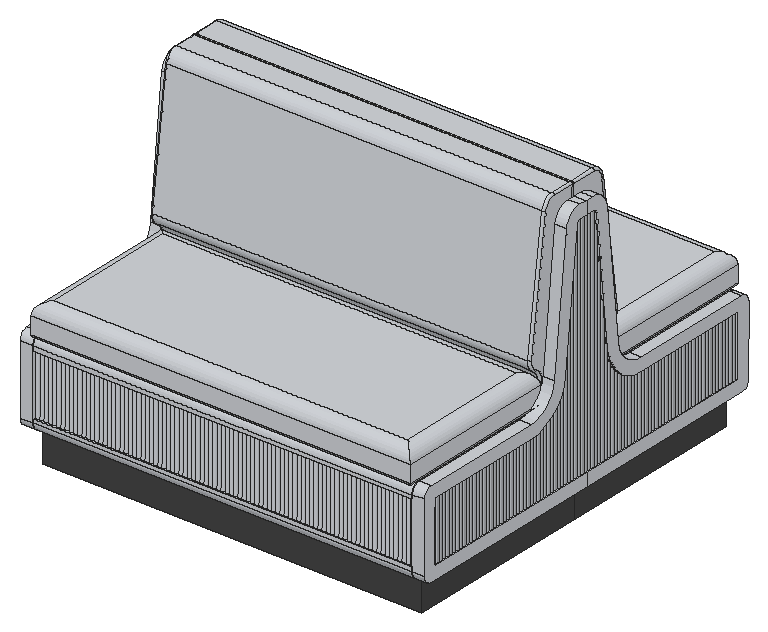
Revit family "Trenton Booth", category Furniture, Revit 2021 (continued)
Automatic sketch dimensions
  Extrusion 286 sketch curve to plane 10 = 3/4"
  Extrusion 286 sketch curve to Extrusion 286 sketch curve = 1/4"
  Extrusion 286 sketch curve to plane 6 = 3/4"
  Extrusion 286 sketch curve to Extrusion 286 sketch curve = 0"
  Extrusion 287 sketch curve to plane 10 = 1 1/4"
  Extrusion 287 sketch curve to Extrusion 287 sketch curve = 1/4"
  Extrusion 287 sketch curve to plane 6 = 3/4"
  Extrusion 287 sketch curve to Extrusion 287 sketch curve = 0"
  Extrusion 288 sketch curve to plane 6 = 3/4"
  Extrusion 288 sketch curve to plane 10 = 1 3/4"
  Extrusion 288 sketch curve to Extrusion 288 sketch curve = 1/4"
  Extrusion 288 sketch curve to Extrusion 288 sketch curve = 0"
  Extrusion 289 sketch curve to plane 6 = 3/4"
  Extrusion 289 sketch curve to plane 10 = 2 1/4"
  Extrusion 289 sketch curve to Extrusion 289 sketch curve = 1/4"
  Extrusion 289 sketch curve to Extrusion 289 sketch curve = 0"
  Extrusion 290 sketch curve to plane 6 = 3/4"
  Extrusion 290 sketch curve to plane 10 = 2 3/4"
  Extrusion 290 sketch curve to Extrusion 290 sketch curve = 1/4"
  Extrusion 290 sketch curve to Extrusion 290 sketch curve = 0"
  Extrusion 291 sketch curve to plane 6 = 3/4"
  Extrusion 291 sketch curve to plane 10 = 3 1/4"
  Extrusion 291 sketch curve to Extrusion 291 sketch curve = 1/4"
  Extrusion 291 sketch curve to Extrusion 291 sketch curve = 0"
  Extrusion 292 sketch curve to plane 6 = 3/4"
  Extrusion 292 sketch curve to plane 10 = 3 3/4"
  Extrusion 292 sketch curve to Extrusion 292 sketch curve = 1/4"
  Extrusion 292 sketch curve to Extrusion 292 sketch curve = 0"
  Extrusion 293 sketch curve to plane 6 = 3/4"
  Extrusion 293 sketch curve to plane 10 = 4 1/4"
  Extrusion 293 sketch curve to Extrusion 293 sketch curve = 1/4"
  Extrusion 293 sketch curve to Extrusion 293 sketch curve = 0"
  Extrusion 294 sketch curve to plane 6 = 3/4"
  Extrusion 294 sketch curve to plane 10 = 4 3/4"
  Extrusion 294 sketch curve to Extrusion 294 sketch curve = 1/4"
  Extrusion 294 sketch curve to Extrusion 294 sketch curve = 0"
  Extrusion 295 sketch curve to plane 6 = 3/4"
  Extrusion 295 sketch curve to plane 10 = 5 1/4"
  Extrusion 295 sketch curve to Extrusion 295 sketch curve = 1/4"
  Extrusion 295 sketch curve to Extrusion 295 sketch curve = 0"
  Extrusion 296 sketch curve to plane 6 = 3/4"
  Extrusion 296 sketch curve to plane 10 = 5 3/4"
  Extrusion 296 sketch curve to Extrusion 296 sketch curve = 1/4"
  Extrusion 296 sketch curve to Extrusion 296 sketch curve = 0"
  Extrusion 297 sketch curve to plane 6 = 3/4"
  Extrusion 297 sketch curve to plane 10 = 6 1/4"
  Extrusion 297 sketch curve to Extrusion 297 sketch curve = 1/4"
  Extrusion 297 sketch curve to Extrusion 297 sketch curve = 0"
  Extrusion 298 sketch curve to plane 6 = 3/4"
  Extrusion 298 sketch curve to plane 10 = 6 3/4"
  Extrusion 298 sketch curve to Extrusion 298 sketch curve = 1/4"
  Extrusion 298 sketch curve to Extrusion 298 sketch curve = 0"
  Extrusion 299 sketch curve to plane 6 = 3/4"
  Extrusion 299 sketch curve to plane 10 = 7 1/4"
  Extrusion 299 sketch curve to Extrusion 299 sketch curve = 1/4"
  Extrusion 299 sketch curve to Extrusion 299 sketch curve = 0"
  Extrusion 300 sketch curve to plane 6 = 3/4"
  Extrusion 300 sketch curve to plane 10 = 7 3/4"
  Extrusion 300 sketch curve to Extrusion 300 sketch curve = 1/4"
  Extrusion 300 sketch curve to Extrusion 300 sketch curve = 0"
  Extrusion 301 sketch curve to plane 6 = 3/4"
  Extrusion 301 sketch curve to plane 10 = 8 1/4"
  Extrusion 301 sketch curve to Extrusion 301 sketch curve = 1/4"
  Extrusion 301 sketch curve to Extrusion 301 sketch curve = 0"
  Extrusion 302 sketch curve to plane 6 = 3/4"
  Extrusion 302 sketch curve to plane 10 = 8 3/4"
  Extrusion 302 sketch curve to Extrusion 302 sketch curve = 1/4"
  Extrusion 302 sketch curve to Extrusion 302 sketch curve = 0"
  Extrusion 303 sketch curve to plane 6 = 3/4"
  Extrusion 303 sketch curve to plane 10 = 9 1/4"
  Extrusion 303 sketch curve to Extrusion 303 sketch curve = 1/4"
  Extrusion 303 sketch curve to Extrusion 303 sketch curve = 0"
  Extrusion 304 sketch curve to plane 6 = 3/4"
  Extrusion 304 sketch curve to plane 10 = 9 3/4"
  Extrusion 304 sketch curve to Extrusion 304 sketch curve = 1/4"
  Extrusion 304 sketch curve to Extrusion 304 sketch curve = 0"
  Extrusion 305 sketch curve to plane 6 = 3/4"
  Extrusion 305 sketch curve to plane 10 = 10 1/4"
  Extrusion 305 sketch curve to Extrusion 305 sketch curve = 1/4"
  Extrusion 305 sketch curve to Extrusion 305 sketch curve = 0"
  Extrusion 306 sketch curve to plane 6 = 3/4"
  Extrusion 306 sketch curve to plane 10 = 10 3/4"
  Extrusion 306 sketch curve to Extrusion 306 sketch curve = 1/4"
  Extrusion 306 sketch curve to Extrusion 306 sketch curve = 0"
  Extrusion 307 sketch curve to plane 6 = 3/4"
  plane 3 "Center Left/Right" to Extrusion 307 sketch curve = 11 1/4"
  Extrusion 307 sketch curve to Extrusion 307 sketch curve = 1/4"
  Extrusion 307 sketch curve to Extrusion 307 sketch curve = 0"
  Extrusion 308 sketch curve to plane 6 = 3/4"
  plane 3 "Center Left/Right" to Extrusion 308 sketch curve = 10 3/4"
  Extrusion 308 sketch curve to Extrusion 308 sketch curve = 1/4"
  Extrusion 308 sketch curve to Extrusion 308 sketch curve = 0"
  Extrusion 309 sketch curve to plane 6 = 3/4"
  plane 3 "Center Left/Right" to Extrusion 309 sketch curve = 10 1/4"
  Extrusion 309 sketch curve to Extrusion 309 sketch curve = 1/4"
  Extrusion 309 sketch curve to Extrusion 309 sketch curve = 0"
  Extrusion 310 sketch curve to plane 6 = 3/4"
  plane 3 "Center Left/Right" to Extrusion 310 sketch curve = 9 3/4"
  Extrusion 310 sketch curve to Extrusion 310 sketch curve = 1/4"
  Extrusion 310 sketch curve to Extrusion 310 sketch curve = 0"
  Extrusion 311 sketch curve to plane 6 = 3/4"
  plane 3 "Center Left/Right" to Extrusion 311 sketch curve = 9 1/4"
  Extrusion 311 sketch curve to Extrusion 311 sketch curve = 1/4"
  Extrusion 311 sketch curve to Extrusion 311 sketch curve = 0"
  Extrusion 312 sketch curve to plane 6 = 3/4"
  plane 3 "Center Left/Right" to Extrusion 312 sketch curve = 8 3/4"
  Extrusion 312 sketch curve to Extrusion 312 sketch curve = 1/4"
  Extrusion 312 sketch curve to Extrusion 312 sketch curve = 0"
  Extrusion 313 sketch curve to plane 6 = 3/4"
  plane 3 "Center Left/Right" to Extrusion 313 sketch curve = 8 1/4"
  Extrusion 313 sketch curve to Extrusion 313 sketch curve = 1/4"
  Extrusion 313 sketch curve to Extrusion 313 sketch curve = 0"
  Extrusion 314 sketch curve to plane 6 = 3/4"
  plane 3 "Center Left/Right" to Extrusion 314 sketch curve = 7 3/4"
  Extrusion 314 sketch curve to Extrusion 314 sketch curve = 1/4"
  Extrusion 314 sketch curve to Extrusion 314 sketch curve = 0"
  Extrusion 315 sketch curve to plane 6 = 3/4"
  plane 3 "Center Left/Right" to Extrusion 315 sketch curve = 7 1/4"
  Extrusion 315 sketch curve to Extrusion 315 sketch curve = 1/4"
  Extrusion 315 sketch curve to Extrusion 315 sketch curve = 0"
  Extrusion 316 sketch curve to plane 6 = 3/4"
  plane 3 "Center Left/Right" to Extrusion 316 sketch curve = 6 3/4"
  Extrusion 316 sketch curve to Extrusion 316 sketch curve = 1/4"
  Extrusion 316 sketch curve to Extrusion 316 sketch curve = 0"
  Extrusion 317 sketch curve to plane 6 = 3/4"
  plane 3 "Center Left/Right" to Extrusion 317 sketch curve = 6 1/4"
  Extrusion 317 sketch curve to Extrusion 317 sketch curve = 1/4"
  Extrusion 317 sketch curve to Extrusion 317 sketch curve = 0"
  Extrusion 318 sketch curve to plane 6 = 3/4"
  plane 3 "Center Left/Right" to Extrusion 318 sketch curve = 5 3/4"
  Extrusion 318 sketch curve to Extrusion 318 sketch curve = 1/4"
  Extrusion 318 sketch curve to Extrusion 318 sketch curve = 0"
  Extrusion 319 sketch curve to plane 6 = 3/4"
  plane 3 "Center Left/Right" to Extrusion 319 sketch curve = 5 1/4"
  Extrusion 319 sketch curve to Extrusion 319 sketch curve = 1/4"
  Extrusion 319 sketch curve to Extrusion 319 sketch curve = 0"
  Extrusion 320 sketch curve to plane 6 = 3/4"
  plane 3 "Center Left/Right" to Extrusion 320 sketch curve = 4 3/4"
  Extrusion 320 sketch curve to Extrusion 320 sketch curve = 1/4"
  Extrusion 320 sketch curve to Extrusion 320 sketch curve = 0"
  Extrusion 321 sketch curve to plane 6 = 3/4"
  plane 3 "Center Left/Right" to Extrusion 321 sketch curve = 4 1/4"
  Extrusion 321 sketch curve to Extrusion 321 sketch curve = 1/4"
  Extrusion 321 sketch curve to Extrusion 321 sketch curve = 0"
  Extrusion 322 sketch curve to plane 6 = 3/4"
  plane 3 "Center Left/Right" to Extrusion 322 sketch curve = 3 3/4"
  Extrusion 322 sketch curve to Extrusion 322 sketch curve = 1/4"
  Extrusion 322 sketch curve to Extrusion 322 sketch curve = 0"
  Extrusion 323 sketch curve to plane 6 = 3/4"
  plane 3 "Center Left/Right" to Extrusion 323 sketch curve = 3 1/4"
  Extrusion 323 sketch curve to Extrusion 323 sketch curve = 1/4"
  Extrusion 323 sketch curve to Extrusion 323 sketch curve = 0"
  Extrusion 324 sketch curve to plane 6 = 3/4"
  plane 3 "Center Left/Right" to Extrusion 324 sketch curve = 2 3/4"
  Extrusion 324 sketch curve to Extrusion 324 sketch curve = 1/4"
  Extrusion 324 sketch curve to Extrusion 324 sketch curve = 0"
  Extrusion 325 sketch curve to plane 6 = 3/4"
  plane 3 "Center Left/Right" to Extrusion 325 sketch curve = 2 1/4"
  Extrusion 325 sketch curve to Extrusion 325 sketch curve = 1/4"
  Extrusion 325 sketch curve to Extrusion 325 sketch curve = 0"
  Extrusion 326 sketch curve to plane 6 = 3/4"
  plane 3 "Center Left/Right" to Extrusion 326 sketch curve = 1 3/4"
  Extrusion 326 sketch curve to Extrusion 326 sketch curve = 1/4"
  Extrusion 326 sketch curve to Extrusion 326 sketch curve = 0"
  plane 3 "Center Left/Right" to Extrusion 327 sketch curve = 1 1/4"
  Extrusion 327 sketch curve to Extrusion 327 sketch curve = 1/4"
  Extrusion 327 sketch curve to plane 6 = 3/4"
  Extrusion 327 sketch curve to Extrusion 327 sketch curve = 0"
  plane 3 "Center Left/Right" to Extrusion 328 sketch curve = 3/4"
  Extrusion 328 sketch curve to Extrusion 328 sketch curve = 1/4"
  Extrusion 328 sketch curve to plane 6 = 3/4"
  Extrusion 328 sketch curve to Extrusion 328 sketch curve = 0"
  Extrusion 329 sketch curve to plane 3 "Center Left/Right" = 0"  (x2)
  plane 3 "Center Left/Right" to Extrusion 329 sketch curve = 1/4"
  Extrusion 329 sketch curve to plane 6 = 3/4"
  Extrusion 330 sketch curve to plane 3 "Center Left/Right" = 0"
  Extrusion 330 sketch curve to Extrusion 330 sketch curve = 1/4"
  Extrusion 330 sketch curve to plane 6 = 3/4"
  Extrusion 330 sketch curve to Extrusion 330 sketch curve = 0"
  Extrusion 331 sketch curve to plane 3 "Center Left/Right" = 3/4"
  Extrusion 331 sketch curve to Extrusion 331 sketch curve = 1/4"
  Extrusion 331 sketch curve to plane 6 = 3/4"
  Extrusion 331 sketch curve to Extrusion 331 sketch curve = 0"
  Extrusion 332 sketch curve to plane 3 "Center Left/Right" = 1 1/4"
  Extrusion 332 sketch curve to Extrusion 332 sketch curve = 1/4"
  Extrusion 332 sketch curve to plane 6 = 3/4"
  Extrusion 332 sketch curve to Extrusion 332 sketch curve = 0"
  Extrusion 333 sketch curve to plane 6 = 3/4"
  Extrusion 333 sketch curve to plane 3 "Center Left/Right" = 1 3/4"
  Extrusion 333 sketch curve to Extrusion 333 sketch curve = 1/4"
  Extrusion 333 sketch curve to Extrusion 333 sketch curve = 0"
  Extrusion 334 sketch curve to plane 6 = 3/4"
  Extrusion 334 sketch curve to plane 3 "Center Left/Right" = 2 1/4"
  Extrusion 334 sketch curve to Extrusion 334 sketch curve = 1/4"
  Extrusion 334 sketch curve to Extrusion 334 sketch curve = 0"
  Extrusion 335 sketch curve to plane 6 = 3/4"
  Extrusion 335 sketch curve to plane 3 "Center Left/Right" = 2 3/4"
  Extrusion 335 sketch curve to Extrusion 335 sketch curve = 1/4"
  Extrusion 335 sketch curve to Extrusion 335 sketch curve = 0"
  Extrusion 336 sketch curve to plane 6 = 3/4"
  Extrusion 336 sketch curve to plane 3 "Center Left/Right" = 3 1/4"
  Extrusion 336 sketch curve to Extrusion 336 sketch curve = 1/4"
  Extrusion 336 sketch curve to Extrusion 336 sketch curve = 0"
  Extrusion 337 sketch curve to plane 6 = 3/4"
  Extrusion 337 sketch curve to plane 3 "Center Left/Right" = 3 3/4"
  Extrusion 337 sketch curve to Extrusion 337 sketch curve = 1/4"
  Extrusion 337 sketch curve to Extrusion 337 sketch curve = 0"
  Extrusion 338 sketch curve to plane 6 = 3/4"
  Extrusion 338 sketch curve to plane 3 "Center Left/Right" = 4 1/4"
  Extrusion 338 sketch curve to Extrusion 338 sketch curve = 1/4"
  Extrusion 338 sketch curve to Extrusion 338 sketch curve = 0"
  Extrusion 339 sketch curve to plane 6 = 3/4"
  Extrusion 339 sketch curve to plane 3 "Center Left/Right" = 4 3/4"
  Extrusion 339 sketch curve to Extrusion 339 sketch curve = 1/4"
  Extrusion 339 sketch curve to Extrusion 339 sketch curve = 0"
  Extrusion 340 sketch curve to plane 6 = 3/4"
  Extrusion 340 sketch curve to plane 3 "Center Left/Right" = 5 1/4"
  Extrusion 340 sketch curve to Extrusion 340 sketch curve = 1/4"
  Extrusion 340 sketch curve to Extrusion 340 sketch curve = 0"
  Extrusion 341 sketch curve to plane 6 = 3/4"
  Extrusion 341 sketch curve to plane 3 "Center Left/Right" = 5 3/4"
  Extrusion 341 sketch curve to Extrusion 341 sketch curve = 1/4"
  Extrusion 341 sketch curve to Extrusion 341 sketch curve = 0"
  Extrusion 342 sketch curve to plane 6 = 3/4"
  Extrusion 342 sketch curve to plane 3 "Center Left/Right" = 6 1/4"
  Extrusion 342 sketch curve to Extrusion 342 sketch curve = 1/4"
  Extrusion 342 sketch curve to Extrusion 342 sketch curve = 0"
  Extrusion 343 sketch curve to plane 6 = 3/4"
  Extrusion 343 sketch curve to plane 3 "Center Left/Right" = 6 3/4"
  Extrusion 343 sketch curve to Extrusion 343 sketch curve = 1/4"
  Extrusion 343 sketch curve to Extrusion 343 sketch curve = 0"
  Extrusion 344 sketch curve to plane 6 = 3/4"
  Extrusion 344 sketch curve to plane 3 "Center Left/Right" = 7 1/4"
  Extrusion 344 sketch curve to Extrusion 344 sketch curve = 1/4"
  Extrusion 344 sketch curve to Extrusion 344 sketch curve = 0"
  Extrusion 345 sketch curve to plane 6 = 3/4"
  Extrusion 345 sketch curve to plane 3 "Center Left/Right" = 7 3/4"
  Extrusion 345 sketch curve to Extrusion 345 sketch curve = 1/4"
  Extrusion 345 sketch curve to Extrusion 345 sketch curve = 0"
  Extrusion 346 sketch curve to plane 6 = 3/4"
  Extrusion 346 sketch curve to plane 3 "Center Left/Right" = 8 1/4"
  Extrusion 346 sketch curve to Extrusion 346 sketch curve = 1/4"
  Extrusion 346 sketch curve to Extrusion 346 sketch curve = 0"
  Extrusion 347 sketch curve to plane 6 = 3/4"
  Extrusion 347 sketch curve to plane 3 "Center Left/Right" = 8 3/4"
  Extrusion 347 sketch curve to Extrusion 347 sketch curve = 1/4"
  Extrusion 347 sketch curve to Extrusion 347 sketch curve = 0"
  Extrusion 348 sketch curve to plane 6 = 3/4"
  Extrusion 348 sketch curve to plane 3 "Center Left/Right" = 9 1/4"
  Extrusion 348 sketch curve to Extrusion 348 sketch curve = 1/4"
  Extrusion 348 sketch curve to Extrusion 348 sketch curve = 0"
  Extrusion 349 sketch curve to plane 6 = 3/4"
  Extrusion 349 sketch curve to plane 3 "Center Left/Right" = 9 3/4"
  Extrusion 349 sketch curve to Extrusion 349 sketch curve = 1/4"
  Extrusion 349 sketch curve to Extrusion 349 sketch curve = 0"
  Extrusion 350 sketch curve to plane 6 = 3/4"
  Extrusion 350 sketch curve to plane 3 "Center Left/Right" = 10 1/4"
  Extrusion 350 sketch curve to Extrusion 350 sketch curve = 1/4"
  Extrusion 350 sketch curve to Extrusion 350 sketch curve = 0"
  Extrusion 351 sketch curve to plane 6 = 3/4"
  Extrusion 351 sketch curve to plane 3 "Center Left/Right" = 10 3/4"
  Extrusion 351 sketch curve to Extrusion 351 sketch curve = 1/4"
  Extrusion 351 sketch curve to Extrusion 351 sketch curve = 0"
  Extrusion 352 sketch curve to plane 6 = 3/4"
  Extrusion 352 sketch curve to plane 3 "Center Left/Right" = 11 1/4"
  Extrusion 352 sketch curve to Extrusion 352 sketch curve = 1/4"
  Extrusion 352 sketch curve to Extrusion 352 sketch curve = 0"
  Extrusion 353 sketch curve to plane 6 = 3/4"
  Extrusion 353 sketch curve to plane 11 = 10 3/4"
  Extrusion 353 sketch curve to Extrusion 353 sketch curve = 1/4"
  Extrusion 353 sketch curve to Extrusion 353 sketch curve = 0"
  Extrusion 354 sketch curve to plane 6 = 3/4"
  Extrusion 354 sketch curve to plane 11 = 10 1/4"
  Extrusion 354 sketch curve to Extrusion 354 sketch curve = 1/4"
  Extrusion 354 sketch curve to Extrusion 354 sketch curve = 0"
  Extrusion 355 sketch curve to plane 6 = 3/4"
  Extrusion 355 sketch curve to plane 11 = 9 3/4"
  Extrusion 355 sketch curve to Extrusion 355 sketch curve = 1/4"
  Extrusion 355 sketch curve to Extrusion 355 sketch curve = 0"
  Extrusion 356 sketch curve to plane 6 = 3/4"
  Extrusion 356 sketch curve to plane 11 = 9 1/4"
  Extrusion 356 sketch curve to Extrusion 356 sketch curve = 1/4"
  Extrusion 356 sketch curve to Extrusion 356 sketch curve = 0"
  Extrusion 357 sketch curve to plane 6 = 3/4"
  Extrusion 357 sketch curve to plane 11 = 8 3/4"
  Extrusion 357 sketch curve to Extrusion 357 sketch curve = 1/4"
  Extrusion 357 sketch curve to Extrusion 357 sketch curve = 0"
  Extrusion 358 sketch curve to plane 6 = 3/4"
  Extrusion 358 sketch curve to plane 11 = 8 1/4"
  Extrusion 358 sketch curve to Extrusion 358 sketch curve = 1/4"
  Extrusion 358 sketch curve to Extrusion 358 sketch curve = 0"
  Extrusion 359 sketch curve to plane 6 = 3/4"
  Extrusion 359 sketch curve to plane 11 = 7 3/4"
  Extrusion 359 sketch curve to Extrusion 359 sketch curve = 1/4"
  Extrusion 359 sketch curve to Extrusion 359 sketch curve = 0"
  Extrusion 360 sketch curve to plane 6 = 3/4"
  Extrusion 360 sketch curve to plane 11 = 7 1/4"
  Extrusion 360 sketch curve to Extrusion 360 sketch curve = 1/4"
  Extrusion 360 sketch curve to Extrusion 360 sketch curve = 0"
  Extrusion 361 sketch curve to plane 6 = 3/4"
  Extrusion 361 sketch curve to plane 11 = 6 3/4"
  Extrusion 361 sketch curve to Extrusion 361 sketch curve = 1/4"
  Extrusion 361 sketch curve to Extrusion 361 sketch curve = 0"
  Extrusion 362 sketch curve to plane 6 = 3/4"
  Extrusion 362 sketch curve to plane 11 = 6 1/4"
  Extrusion 362 sketch curve to Extrusion 362 sketch curve = 1/4"
  Extrusion 362 sketch curve to Extrusion 362 sketch curve = 0"
  Extrusion 363 sketch curve to plane 6 = 3/4"
  Extrusion 363 sketch curve to plane 11 = 5 3/4"
  Extrusion 363 sketch curve to Extrusion 363 sketch curve = 1/4"
  Extrusion 363 sketch curve to Extrusion 363 sketch curve = 0"
  Extrusion 364 sketch curve to plane 6 = 3/4"
  Extrusion 364 sketch curve to plane 11 = 5 1/4"
  Extrusion 364 sketch curve to Extrusion 364 sketch curve = 1/4"
  Extrusion 364 sketch curve to Extrusion 364 sketch curve = 0"
  Extrusion 365 sketch curve to plane 6 = 3/4"
  Extrusion 365 sketch curve to plane 11 = 4 3/4"
  Extrusion 365 sketch curve to Extrusion 365 sketch curve = 1/4"
  Extrusion 365 sketch curve to Extrusion 365 sketch curve = 0"
  Extrusion 366 sketch curve to plane 6 = 3/4"
  Extrusion 366 sketch curve to plane 11 = 4 1/4"
  Extrusion 366 sketch curve to Extrusion 366 sketch curve = 1/4"
  Extrusion 366 sketch curve to Extrusion 366 sketch curve = 0"
  Extrusion 367 sketch curve to plane 6 = 3/4"
  Extrusion 367 sketch curve to plane 11 = 3 3/4"
  Extrusion 367 sketch curve to Extrusion 367 sketch curve = 1/4"
  Extrusion 367 sketch curve to Extrusion 367 sketch curve = 0"
  Extrusion 368 sketch curve to plane 6 = 3/4"
  Extrusion 368 sketch curve to plane 11 = 3 1/4"
  Extrusion 368 sketch curve to Extrusion 368 sketch curve = 1/4"
  Extrusion 368 sketch curve to Extrusion 368 sketch curve = 0"
  Extrusion 369 sketch curve to plane 6 = 3/4"
  Extrusion 369 sketch curve to plane 11 = 2 3/4"
  Extrusion 369 sketch curve to Extrusion 369 sketch curve = 1/4"
  Extrusion 369 sketch curve to Extrusion 369 sketch curve = 0"
  Extrusion 370 sketch curve to plane 6 = 3/4"
  Extrusion 370 sketch curve to plane 11 = 2 1/4"
  Extrusion 370 sketch curve to Extrusion 370 sketch curve = 1/4"
  Extrusion 370 sketch curve to Extrusion 370 sketch curve = 0"
  Extrusion 371 sketch curve to plane 6 = 3/4"
  Extrusion 371 sketch curve to plane 11 = 1 3/4"
  Extrusion 371 sketch curve to Extrusion 371 sketch curve = 1/4"
  Extrusion 371 sketch curve to Extrusion 371 sketch curve = 0"
  Extrusion 372 sketch curve to plane 11 = 1 1/4"
  Extrusion 372 sketch curve to Extrusion 372 sketch curve = 1/4"
  Extrusion 372 sketch curve to plane 6 = 3/4"
  Extrusion 372 sketch curve to Extrusion 372 sketch curve = 0"
  Extrusion 373 sketch curve to plane 11 = 3/4"
  Extrusion 373 sketch curve to Extrusion 373 sketch curve = 1/4"
  Extrusion 373 sketch curve to plane 6 = 3/4"
  Extrusion 373 sketch curve to Extrusion 373 sketch curve = 0"
  Extrusion 374 sketch curve to plane 11 = 0"  (x2)
  Extrusion 374 sketch curve to plane 11 = 1/4"
  Extrusion 374 sketch curve to plane 6 = 3/4"
  Extrusion 375 sketch curve to plane 5 = 1/2"
  Extrusion 375 sketch curve to plane 6 = 2"
  Extrusion 375 sketch curve to Extrusion 375 sketch curve = 1/4"
  Extrusion 375 sketch curve to Extrusion 375 sketch curve = 0"  (x2)
  Extrusion 376 sketch curve to plane 5 = 1/2"
  Extrusion 376 sketch curve to plane 6 = 2 1/2"
  Extrusion 376 sketch curve to Extrusion 376 sketch curve = 1/4"
  Extrusion 376 sketch curve to Extrusion 376 sketch curve = 0"  (x2)
  Extrusion 377 sketch curve to plane 5 = 1/2"
  Extrusion 377 sketch curve to plane 6 = 3"
  Extrusion 377 sketch curve to Extrusion 377 sketch curve = 1/4"
  Extrusion 377 sketch curve to Extrusion 377 sketch curve = 0"  (x2)
  Extrusion 378 sketch curve to plane 5 = 1/2"
  Extrusion 378 sketch curve to plane 6 = 3 1/2"
  Extrusion 378 sketch curve to Extrusion 378 sketch curve = 1/4"
  Extrusion 378 sketch curve to Extrusion 378 sketch curve = 0"  (x2)
  Extrusion 379 sketch curve to plane 5 = 1/2"
  Extrusion 379 sketch curve to plane 6 = 4"
  Extrusion 379 sketch curve to Extrusion 379 sketch curve = 1/4"
  Extrusion 379 sketch curve to Extrusion 379 sketch curve = 0"  (x2)
  Extrusion 380 sketch curve to plane 5 = 1/2"
  Extrusion 380 sketch curve to plane 6 = 4 1/2"
  Extrusion 380 sketch curve to Extrusion 380 sketch curve = 1/4"
  Extrusion 380 sketch curve to Extrusion 380 sketch curve = 0"  (x2)
  Extrusion 381 sketch curve to plane 5 = 1/2"
  Extrusion 381 sketch curve to plane 6 = 5"
  Extrusion 381 sketch curve to Extrusion 381 sketch curve = 1/4"
  Extrusion 381 sketch curve to Extrusion 381 sketch curve = 0"  (x2)
  Extrusion 382 sketch curve to plane 5 = 1/2"
  Extrusion 382 sketch curve to plane 6 = 5 1/2"
  Extrusion 382 sketch curve to Extrusion 382 sketch curve = 1/4"
  Extrusion 382 sketch curve to Extrusion 382 sketch curve = 0"  (x2)
  Extrusion 383 sketch curve to plane 5 = 1/2"
  Extrusion 383 sketch curve to plane 6 = 6"
  Extrusion 383 sketch curve to Extrusion 383 sketch curve = 1/4"
  Extrusion 383 sketch curve to Extrusion 383 sketch curve = 0"  (x2)
  Extrusion 384 sketch curve to plane 5 = 1/2"
  Extrusion 384 sketch curve to plane 6 = 6 1/2"
  Extrusion 384 sketch curve to Extrusion 384 sketch curve = 1/4"
  Extrusion 384 sketch curve to Extrusion 384 sketch curve = 0"  (x2)
  Extrusion 385 sketch curve to plane 5 = 1/2"
  Extrusion 385 sketch curve to plane 6 = 7"
  Extrusion 385 sketch curve to Extrusion 385 sketch curve = 1/4"
  Extrusion 385 sketch curve to Extrusion 385 sketch curve = 0"  (x2)
  Extrusion 386 sketch curve to plane 5 = 1/2"
  Extrusion 386 sketch curve to plane 6 = 7 1/2"
  Extrusion 386 sketch curve to Extrusion 386 sketch curve = 1/4"
  Extrusion 386 sketch curve to Extrusion 386 sketch curve = 0"  (x2)
  Extrusion 387 sketch curve to plane 5 = 1/2"
  Extrusion 387 sketch curve to plane 6 = 8"
  Extrusion 387 sketch curve to Extrusion 387 sketch curve = 1/4"
  Extrusion 387 sketch curve to Extrusion 387 sketch curve = 0"  (x2)
  Extrusion 388 sketch curve to plane 5 = 1/2"
  Extrusion 388 sketch curve to plane 6 = 8 1/2"
  Extrusion 388 sketch curve to Extrusion 388 sketch curve = 1/4"
  Extrusion 388 sketch curve to Extrusion 388 sketch curve = 0"  (x2)
  Extrusion 389 sketch curve to plane 5 = 1/2"
  Extrusion 389 sketch curve to plane 6 = 9"
  Extrusion 389 sketch curve to Extrusion 389 sketch curve = 1/4"
  Extrusion 389 sketch curve to Extrusion 389 sketch curve = 0"  (x2)
  Extrusion 390 sketch curve to plane 5 = 1/2"
  Extrusion 390 sketch curve to plane 6 = 9 1/2"
  Extrusion 390 sketch curve to Extrusion 390 sketch curve = 1/4"
  Extrusion 390 sketch curve to Extrusion 390 sketch curve = 0"  (x2)
  Extrusion 391 sketch curve to plane 5 = 1/2"
  Extrusion 391 sketch curve to plane 6 = 10"
  Extrusion 391 sketch curve to Extrusion 391 sketch curve = 1/4"
  Extrusion 391 sketch curve to Extrusion 391 sketch curve = 0"  (x2)
  Extrusion 392 sketch curve to plane 5 = 1/2"
  Extrusion 392 sketch curve to plane 6 = 10 1/2"
  Extrusion 392 sketch curve to Extrusion 392 sketch curve = 1/4"
  Extrusion 392 sketch curve to Extrusion 392 sketch curve = 0"  (x2)
  Extrusion 393 sketch curve to plane 5 = 1/2"
  Extrusion 393 sketch curve to plane 6 = 11"
  Extrusion 393 sketch curve to Extrusion 393 sketch curve = 1/4"
  Extrusion 393 sketch curve to Extrusion 393 sketch curve = 0"  (x2)
  Extrusion 394 sketch curve to plane 5 = 1/2"
  Extrusion 394 sketch curve to plane 9 = 11 1/4"
  Extrusion 394 sketch curve to Extrusion 394 sketch curve = 1/4"
  Extrusion 394 sketch curve to Extrusion 394 sketch curve = 0"  (x2)
  Extrusion 395 sketch curve to plane 5 = 1/2"
  Extrusion 395 sketch curve to plane 9 = 10 3/4"
  Extrusion 395 sketch curve to Extrusion 395 sketch curve = 1/4"
  Extrusion 395 sketch curve to Extrusion 395 sketch curve = 0"  (x2)
  Extrusion 396 sketch curve to plane 5 = 1/2"
  Extrusion 396 sketch curve to plane 9 = 10 1/4"
  Extrusion 396 sketch curve to Extrusion 396 sketch curve = 1/4"
  Extrusion 396 sketch curve to Extrusion 396 sketch curve = 0"  (x2)
  Extrusion 397 sketch curve to plane 5 = 1/2"
  Extrusion 397 sketch curve to plane 9 = 9 3/4"
  Extrusion 397 sketch curve to Extrusion 397 sketch curve = 1/4"
  Extrusion 397 sketch curve to Extrusion 397 sketch curve = 0"  (x2)
  Extrusion 398 sketch curve to plane 5 = 1/2"
  Extrusion 398 sketch curve to plane 9 = 9 1/4"
  Extrusion 398 sketch curve to Extrusion 398 sketch curve = 1/4"
  Extrusion 398 sketch curve to Extrusion 398 sketch curve = 0"  (x2)
  Extrusion 399 sketch curve to plane 5 = 1/2"
  Extrusion 399 sketch curve to plane 9 = 8 3/4"
  Extrusion 399 sketch curve to Extrusion 399 sketch curve = 1/4"
  Extrusion 399 sketch curve to Extrusion 399 sketch curve = 0"  (x2)
  Extrusion 400 sketch curve to plane 5 = 1/2"
  Extrusion 400 sketch curve to plane 9 = 8 1/4"
  Extrusion 400 sketch curve to Extrusion 400 sketch curve = 1/4"
  Extrusion 400 sketch curve to Extrusion 400 sketch curve = 0"  (x2)
  Extrusion 401 sketch curve to plane 5 = 1/2"
  Extrusion 401 sketch curve to plane 9 = 7 3/4"
  Extrusion 401 sketch curve to Extrusion 401 sketch curve = 1/4"
  Extrusion 401 sketch curve to Extrusion 401 sketch curve = 0"  (x2)
  Extrusion 402 sketch curve to plane 5 = 1/2"
  Extrusion 402 sketch curve to plane 9 = 7 1/4"
  Extrusion 402 sketch curve to Extrusion 402 sketch curve = 1/4"
  Extrusion 402 sketch curve to Extrusion 402 sketch curve = 0"  (x2)
  Extrusion 403 sketch curve to plane 5 = 1/2"
  Extrusion 403 sketch curve to plane 9 = 6 3/4"
  Extrusion 403 sketch curve to Extrusion 403 sketch curve = 1/4"
  Extrusion 403 sketch curve to Extrusion 403 sketch curve = 0"  (x2)
  Extrusion 404 sketch curve to plane 5 = 1/2"
  Extrusion 404 sketch curve to plane 9 = 6 1/4"
  Extrusion 404 sketch curve to Extrusion 404 sketch curve = 1/4"
  Extrusion 404 sketch curve to Extrusion 404 sketch curve = 0"  (x2)
  Extrusion 405 sketch curve to plane 5 = 1/2"
  Extrusion 405 sketch curve to plane 9 = 5 3/4"
  Extrusion 405 sketch curve to Extrusion 405 sketch curve = 1/4"
  Extrusion 405 sketch curve to Extrusion 405 sketch curve = 0"  (x2)
  Extrusion 406 sketch curve to plane 5 = 1/2"
  Extrusion 406 sketch curve to plane 9 = 5 1/4"
  Extrusion 406 sketch curve to Extrusion 406 sketch curve = 1/4"
  Extrusion 406 sketch curve to Extrusion 406 sketch curve = 0"  (x2)
  Extrusion 407 sketch curve to plane 5 = 1/2"
  Extrusion 407 sketch curve to plane 9 = 4 3/4"
  Extrusion 407 sketch curve to Extrusion 407 sketch curve = 1/4"
  Extrusion 407 sketch curve to Extrusion 407 sketch curve = 0"  (x2)
  Extrusion 408 sketch curve to plane 5 = 1/2"
  Extrusion 408 sketch curve to plane 9 = 4 1/4"
  Extrusion 408 sketch curve to Extrusion 408 sketch curve = 1/4"
  Extrusion 408 sketch curve to Extrusion 408 sketch curve = 0"  (x2)
  Extrusion 409 sketch curve to plane 5 = 1/2"
  Extrusion 409 sketch curve to plane 9 = 3 3/4"
  Extrusion 409 sketch curve to Extrusion 409 sketch curve = 1/4"
  Extrusion 409 sketch curve to Extrusion 409 sketch curve = 0"  (x2)
  Extrusion 410 sketch curve to plane 5 = 1/2"
  Extrusion 410 sketch curve to plane 9 = 3 1/4"
  Extrusion 410 sketch curve to Extrusion 410 sketch curve = 1/4"
  Extrusion 410 sketch curve to Extrusion 410 sketch curve = 0"  (x2)
  Extrusion 411 sketch curve to plane 5 = 1/2"
  Extrusion 411 sketch curve to plane 9 = 2 3/4"
  Extrusion 411 sketch curve to Extrusion 411 sketch curve = 1/4"
  Extrusion 411 sketch curve to Extrusion 411 sketch curve = 0"  (x2)
  Extrusion 412 sketch curve to plane 5 = 1/2"
  Extrusion 412 sketch curve to plane 9 = 2 1/4"
  Extrusion 412 sketch curve to Extrusion 412 sketch curve = 1/4"
  Extrusion 412 sketch curve to Extrusion 412 sketch curve = 0"  (x2)
  Extrusion 413 sketch curve to plane 5 = 1/2"
  Extrusion 413 sketch curve to plane 9 = 1 3/4"
  Extrusion 413 sketch curve to Extrusion 413 sketch curve = 1/4"
  Extrusion 413 sketch curve to Extrusion 413 sketch curve = 0"  (x2)
  Extrusion 414 sketch curve to plane 5 = 1/2"
  Extrusion 414 sketch curve to plane 9 = 1 1/4"
  Extrusion 414 sketch curve to Extrusion 414 sketch curve = 1/4"
  Extrusion 414 sketch curve to Extrusion 414 sketch curve = 0"  (x2)
  Extrusion 415 sketch curve to plane 5 = 1/2"
  Extrusion 415 sketch curve to plane 9 = 3/4"
  Extrusion 415 sketch curve to Extrusion 415 sketch curve = 1/4"
  Extrusion 415 sketch curve to Extrusion 415 sketch curve = 0"  (x2)
  plane 9 to Extrusion 416 sketch curve = 0"  (x2)
  Extrusion 416 sketch curve to plane 5 = 1/2"
  Extrusion 416 sketch curve to Extrusion 416 sketch curve = 1/4"
  Extrusion 416 sketch curve to Extrusion 416 sketch curve = 0"
  plane 9 to Extrusion 417 sketch curve = 0"  (x2)
  Extrusion 417 sketch curve to plane 5 = 1/2"
  plane 9 to Extrusion 417 sketch curve = 1/4"
  Extrusion 417 sketch curve to Extrusion 417 sketch curve = 0"
  Extrusion 418 sketch curve to plane 5 = 1/2"
  Extrusion 418 sketch curve to plane 1 "Center Front/Back" = 3/4"
  Extrusion 418 sketch curve to Extrusion 418 sketch curve = 1/4"
  Extrusion 418 sketch curve to Extrusion 418 sketch curve = 0"  (x2)
  plane 1 "Center Front/Back" to Extrusion 419 sketch curve = 0"  (x2)
  Extrusion 419 sketch curve to plane 1 "Center Front/Back" = 1/4"
  Extrusion 419 sketch curve to plane 5 = 1/2"
  Extrusion 419 sketch curve to Extrusion 419 sketch curve = 0"
  Extrusion 420 sketch curve to plane 6 = 0"
  plane 15 to Extrusion 420 sketch curve = 0"
  Extrusion 420 sketch curve to plane 13 = 0"
  Extrusion 420 sketch curve to plane 9 = 3.53902"
  plane 15 to Extrusion 421 sketch curve = 0"
  Extrusion 421 sketch curve to plane 8 = 0"
  Extrusion 421 sketch curve to plane 16 = 0"
  Extrusion 421 sketch curve to plane 1 "Center Front/Back" = 0"
  Extrusion 421 sketch curve to plane 9 = 1.44147"
  plane 16 to Extrusion 421 sketch curve = 0.20455"
  plane 13 to Extrusion 421 sketch curve = 1.49774"
  Extrusion 421 sketch curve to plane 9 = 3.5126"  (x2)
  plane 13 to Extrusion 421 sketch curve = 1.70271"
  Extrusion 421 sketch curve to Extrusion 421 sketch curve = 1.47988"
  Extrusion 421 sketch curve to Extrusion 421 sketch curve = 1 1/2"
  Extrusion 421 sketch curve to Extrusion 421 sketch curve = 1/4"
  Extrusion 421 sketch curve to plane 8 = 1/4"
  Extrusion 421 sketch curve to plane 13 = 1.09341"
  plane 4 to Extrusion 422 sketch curve = 1/2"
  Extrusion 422 sketch curve to plane 6 = 2"
  Extrusion 422 sketch curve to Extrusion 422 sketch curve = 1/4"
  Extrusion 422 sketch curve to Extrusion 422 sketch curve = 0"  (x2)
  plane 4 to Extrusion 423 sketch curve = 1/2"
  Extrusion 423 sketch curve to plane 6 = 2 1/2"
  Extrusion 423 sketch curve to Extrusion 423 sketch curve = 1/4"
  Extrusion 423 sketch curve to Extrusion 423 sketch curve = 0"  (x2)
  plane 4 to Extrusion 424 sketch curve = 1/2"
  Extrusion 424 sketch curve to plane 6 = 3"
  Extrusion 424 sketch curve to Extrusion 424 sketch curve = 1/4"
  Extrusion 424 sketch curve to Extrusion 424 sketch curve = 0"  (x2)
  plane 4 to Extrusion 425 sketch curve = 1/2"
  Extrusion 425 sketch curve to plane 6 = 3 1/2"
  Extrusion 425 sketch curve to Extrusion 425 sketch curve = 1/4"
  Extrusion 425 sketch curve to Extrusion 425 sketch curve = 0"  (x2)
  plane 4 to Extrusion 426 sketch curve = 1/2"
  Extrusion 426 sketch curve to plane 6 = 4"
  Extrusion 426 sketch curve to Extrusion 426 sketch curve = 1/4"
  Extrusion 426 sketch curve to Extrusion 426 sketch curve = 0"  (x2)
  plane 4 to Extrusion 427 sketch curve = 1/2"
  Extrusion 427 sketch curve to plane 6 = 4 1/2"
  Extrusion 427 sketch curve to Extrusion 427 sketch curve = 1/4"
  Extrusion 427 sketch curve to Extrusion 427 sketch curve = 0"  (x2)
  plane 4 to Extrusion 428 sketch curve = 1/2"
  Extrusion 428 sketch curve to plane 6 = 5"
  Extrusion 428 sketch curve to Extrusion 428 sketch curve = 1/4"
  Extrusion 428 sketch curve to Extrusion 428 sketch curve = 0"  (x2)
  plane 4 to Extrusion 429 sketch curve = 1/2"
  Extrusion 429 sketch curve to plane 6 = 5 1/2"
  Extrusion 429 sketch curve to Extrusion 429 sketch curve = 1/4"
  Extrusion 429 sketch curve to Extrusion 429 sketch curve = 0"  (x2)
  plane 4 to Extrusion 430 sketch curve = 1/2"
  Extrusion 430 sketch curve to plane 6 = 6"
  Extrusion 430 sketch curve to Extrusion 430 sketch curve = 1/4"
  Extrusion 430 sketch curve to Extrusion 430 sketch curve = 0"  (x2)
  plane 4 to Extrusion 431 sketch curve = 1/2"
  Extrusion 431 sketch curve to plane 6 = 6 1/2"
  Extrusion 431 sketch curve to Extrusion 431 sketch curve = 1/4"
  Extrusion 431 sketch curve to Extrusion 431 sketch curve = 0"  (x2)
  plane 4 to Extrusion 432 sketch curve = 1/2"
  Extrusion 432 sketch curve to plane 6 = 7"
  Extrusion 432 sketch curve to Extrusion 432 sketch curve = 1/4"
  Extrusion 432 sketch curve to Extrusion 432 sketch curve = 0"  (x2)
  plane 4 to Extrusion 433 sketch curve = 1/2"
  Extrusion 433 sketch curve to plane 6 = 7 1/2"
  Extrusion 433 sketch curve to Extrusion 433 sketch curve = 1/4"
  Extrusion 433 sketch curve to Extrusion 433 sketch curve = 0"  (x2)
  plane 4 to Extrusion 434 sketch curve = 1/2"
  Extrusion 434 sketch curve to plane 6 = 8"
  Extrusion 434 sketch curve to Extrusion 434 sketch curve = 1/4"
  Extrusion 434 sketch curve to Extrusion 434 sketch curve = 0"  (x2)
  plane 4 to Extrusion 435 sketch curve = 1/2"
  Extrusion 435 sketch curve to plane 6 = 8 1/2"
  Extrusion 435 sketch curve to Extrusion 435 sketch curve = 1/4"
  Extrusion 435 sketch curve to Extrusion 435 sketch curve = 0"  (x2)
  plane 4 to Extrusion 436 sketch curve = 1/2"
  Extrusion 436 sketch curve to plane 6 = 9"
  Extrusion 436 sketch curve to Extrusion 436 sketch curve = 1/4"
  Extrusion 436 sketch curve to Extrusion 436 sketch curve = 0"  (x2)
  plane 4 to Extrusion 437 sketch curve = 1/2"
  Extrusion 437 sketch curve to plane 6 = 9 1/2"
  Extrusion 437 sketch curve to Extrusion 437 sketch curve = 1/4"
  Extrusion 437 sketch curve to Extrusion 437 sketch curve = 0"  (x2)
  plane 4 to Extrusion 438 sketch curve = 1/2"
  Extrusion 438 sketch curve to plane 6 = 10"
  Extrusion 438 sketch curve to Extrusion 438 sketch curve = 1/4"
  Extrusion 438 sketch curve to Extrusion 438 sketch curve = 0"  (x2)
  plane 4 to Extrusion 439 sketch curve = 1/2"
  Extrusion 439 sketch curve to plane 6 = 10 1/2"
  Extrusion 439 sketch curve to Extrusion 439 sketch curve = 1/4"
  Extrusion 439 sketch curve to Extrusion 439 sketch curve = 0"  (x2)
  plane 4 to Extrusion 440 sketch curve = 1/2"
  Extrusion 440 sketch curve to plane 6 = 11"
  Extrusion 440 sketch curve to Extrusion 440 sketch curve = 1/4"
  Extrusion 440 sketch curve to Extrusion 440 sketch curve = 0"  (x2)
  plane 4 to Extrusion 441 sketch curve = 1/2"
  Extrusion 441 sketch curve to plane 9 = 11 1/4"
  Extrusion 441 sketch curve to Extrusion 441 sketch curve = 1/4"
  Extrusion 441 sketch curve to Extrusion 441 sketch curve = 0"  (x2)
  plane 4 to Extrusion 442 sketch curve = 1/2"
  Extrusion 442 sketch curve to plane 9 = 10 3/4"
  Extrusion 442 sketch curve to Extrusion 442 sketch curve = 1/4"
  Extrusion 442 sketch curve to Extrusion 442 sketch curve = 0"  (x2)
  plane 4 to Extrusion 443 sketch curve = 1/2"
  Extrusion 443 sketch curve to plane 9 = 10 1/4"
  Extrusion 443 sketch curve to Extrusion 443 sketch curve = 1/4"
  Extrusion 443 sketch curve to Extrusion 443 sketch curve = 0"  (x2)
  plane 4 to Extrusion 444 sketch curve = 1/2"
  Extrusion 444 sketch curve to plane 9 = 9 3/4"
  Extrusion 444 sketch curve to Extrusion 444 sketch curve = 1/4"
  Extrusion 444 sketch curve to Extrusion 444 sketch curve = 0"  (x2)
  plane 4 to Extrusion 445 sketch curve = 1/2"
  Extrusion 445 sketch curve to plane 9 = 9 1/4"
  Extrusion 445 sketch curve to Extrusion 445 sketch curve = 1/4"
  Extrusion 445 sketch curve to Extrusion 445 sketch curve = 0"  (x2)
  plane 4 to Extrusion 446 sketch curve = 1/2"
  Extrusion 446 sketch curve to plane 9 = 8 3/4"
  Extrusion 446 sketch curve to Extrusion 446 sketch curve = 1/4"
  Extrusion 446 sketch curve to Extrusion 446 sketch curve = 0"  (x2)
  plane 4 to Extrusion 447 sketch curve = 1/2"
  Extrusion 447 sketch curve to plane 9 = 8 1/4"
  Extrusion 447 sketch curve to Extrusion 447 sketch curve = 1/4"
  Extrusion 447 sketch curve to Extrusion 447 sketch curve = 0"  (x2)
  plane 4 to Extrusion 448 sketch curve = 1/2"
  Extrusion 448 sketch curve to plane 9 = 7 3/4"
  Extrusion 448 sketch curve to Extrusion 448 sketch curve = 1/4"
  Extrusion 448 sketch curve to Extrusion 448 sketch curve = 0"  (x2)
  plane 4 to Extrusion 449 sketch curve = 1/2"
  Extrusion 449 sketch curve to plane 9 = 7 1/4"
  Extrusion 449 sketch curve to Extrusion 449 sketch curve = 1/4"
  Extrusion 449 sketch curve to Extrusion 449 sketch curve = 0"  (x2)
  plane 4 to Extrusion 450 sketch curve = 1/2"
  Extrusion 450 sketch curve to plane 9 = 6 3/4"
  Extrusion 450 sketch curve to Extrusion 450 sketch curve = 1/4"
  Extrusion 450 sketch curve to Extrusion 450 sketch curve = 0"  (x2)
  plane 4 to Extrusion 451 sketch curve = 1/2"
  Extrusion 451 sketch curve to plane 9 = 6 1/4"
  Extrusion 451 sketch curve to Extrusion 451 sketch curve = 1/4"
  Extrusion 451 sketch curve to Extrusion 451 sketch curve = 0"  (x2)
  plane 4 to Extrusion 452 sketch curve = 1/2"
  Extrusion 452 sketch curve to plane 9 = 5 3/4"
  Extrusion 452 sketch curve to Extrusion 452 sketch curve = 1/4"
  Extrusion 452 sketch curve to Extrusion 452 sketch curve = 0"  (x2)
  plane 4 to Extrusion 453 sketch curve = 1/2"
  Extrusion 453 sketch curve to plane 9 = 5 1/4"
  Extrusion 453 sketch curve to Extrusion 453 sketch curve = 1/4"
  Extrusion 453 sketch curve to Extrusion 453 sketch curve = 0"  (x2)
  plane 4 to Extrusion 454 sketch curve = 1/2"
  Extrusion 454 sketch curve to plane 9 = 4 3/4"
  Extrusion 454 sketch curve to Extrusion 454 sketch curve = 1/4"
  Extrusion 454 sketch curve to Extrusion 454 sketch curve = 0"  (x2)
  plane 4 to Extrusion 455 sketch curve = 1/2"
  Extrusion 455 sketch curve to plane 9 = 4 1/4"
  Extrusion 455 sketch curve to Extrusion 455 sketch curve = 1/4"
  Extrusion 455 sketch curve to Extrusion 455 sketch curve = 0"  (x2)
  plane 4 to Extrusion 456 sketch curve = 1/2"
  Extrusion 456 sketch curve to plane 9 = 3 3/4"
  Extrusion 456 sketch curve to Extrusion 456 sketch curve = 1/4"
  Extrusion 456 sketch curve to Extrusion 456 sketch curve = 0"  (x2)
  plane 4 to Extrusion 457 sketch curve = 1/2"
  Extrusion 457 sketch curve to plane 9 = 3 1/4"
  Extrusion 457 sketch curve to Extrusion 457 sketch curve = 1/4"
  Extrusion 457 sketch curve to Extrusion 457 sketch curve = 0"  (x2)
  plane 4 to Extrusion 458 sketch curve = 1/2"
  Extrusion 458 sketch curve to plane 9 = 2 3/4"
  Extrusion 458 sketch curve to Extrusion 458 sketch curve = 1/4"
  Extrusion 458 sketch curve to Extrusion 458 sketch curve = 0"  (x2)
  plane 4 to Extrusion 459 sketch curve = 1/2"
  Extrusion 459 sketch curve to plane 9 = 2 1/4"
  Extrusion 459 sketch curve to Extrusion 459 sketch curve = 1/4"
  Extrusion 459 sketch curve to Extrusion 459 sketch curve = 0"  (x2)
  plane 4 to Extrusion 460 sketch curve = 1/2"
  Extrusion 460 sketch curve to plane 9 = 1 3/4"
  Extrusion 460 sketch curve to Extrusion 460 sketch curve = 1/4"
  Extrusion 460 sketch curve to Extrusion 460 sketch curve = 0"  (x2)
  plane 4 to Extrusion 461 sketch curve = 1/2"
  Extrusion 461 sketch curve to plane 9 = 1 1/4"
  Extrusion 461 sketch curve to Extrusion 461 sketch curve = 1/4"
  Extrusion 461 sketch curve to Extrusion 461 sketch curve = 0"  (x2)
  plane 4 to Extrusion 462 sketch curve = 1/2"
  Extrusion 462 sketch curve to plane 9 = 3/4"
  Extrusion 462 sketch curve to Extrusion 462 sketch curve = 1/4"
  Extrusion 462 sketch curve to Extrusion 462 sketch curve = 0"  (x2)
  plane 9 to Extrusion 463 sketch curve = 0"  (x2)
  plane 4 to Extrusion 463 sketch curve = 1/2"
  Extrusion 463 sketch curve to Extrusion 463 sketch curve = 1/4"
  Extrusion 463 sketch curve to Extrusion 463 sketch curve = 0"
  plane 9 to Extrusion 464 sketch curve = 0"  (x2)
  plane 4 to Extrusion 464 sketch curve = 1/2"
  plane 9 to Extrusion 464 sketch curve = 1/4"
  Extrusion 464 sketch curve to Extrusion 464 sketch curve = 0"
  plane 4 to Extrusion 465 sketch curve = 1/2"
  Extrusion 465 sketch curve to plane 1 "Center Front/Back" = 3/4"
  Extrusion 465 sketch curve to Extrusion 465 sketch curve = 1/4"
  Extrusion 465 sketch curve to Extrusion 465 sketch curve = 0"  (x2)
  plane 1 "Center Front/Back" to Extrusion 466 sketch curve = 0"  (x2)
  Extrusion 466 sketch curve to plane 1 "Center Front/Back" = 1/4"
  plane 4 to Extrusion 466 sketch curve = 1/2"
  Extrusion 466 sketch curve to Extrusion 466 sketch curve = 0"
  Sweep 467 sketch curve to profile plane = 0"  (x2)
  profile plane to Sweep 467 sketch curve = 1 1/2"
  Sweep 468 sketch curve to profile plane = 0"
  profile plane to Sweep 468 sketch curve = 0"
  Sweep 468 sketch curve to Sweep 468 sketch curve = 1/4"
  Sweep 469 sketch curve to profile plane = 0"  (x2)
  profile plane to Sweep 469 sketch curve = 1 1/2"
  Sweep 470 sketch curve to profile plane = 0"
  profile plane to Sweep 470 sketch curve = 0"
  Sweep 470 sketch curve to profile plane = 1/4"
  Sweep 471 sketch curve to profile plane = 0"
  profile plane to Sweep 471 sketch curve = 0"
  profile plane to Sweep 471 sketch curve = 1/4"
  profile plane to Sweep 472 sketch curve = 0"
  Sweep 472 sketch curve to profile plane = 0"
  Sweep 472 sketch curve to profile plane = 1/4"
  Extrusion 473 sketch curve to Extrusion 473 sketch curve = 0"  (x2)
  plane 15 to Extrusion 473 sketch curve = 0"
  Extrusion 473 sketch curve to plane 12 = 0"
  Extrusion 473 sketch curve to plane 16 = 0"
  Extrusion 473 sketch curve to plane 1 "Center Front/Back" = 0"  (x2)
  plane 9 to Extrusion 473 sketch curve = 0.54009"
  plane 9 to Extrusion 473 sketch curve = 0.04314"
  Extrusion 473 sketch curve to plane 9 = 1.44768"
  Extrusion 473 sketch curve to plane 9 = 1.70055"
  Extrusion 473 sketch curve to plane 13 = 0.63651"
  Extrusion 473 sketch curve to Extrusion 473 sketch curve = 1.45351"
  Extrusion 473 sketch curve to plane 13 = 1/4"
  Extrusion 473 sketch curve to Extrusion 473 sketch curve = 0.0362"
  Extrusion 473 sketch curve to plane 6 = 1 3/4"
  Extrusion 473 sketch curve to plane 6 = 1 1/4"  (x2)
  Extrusion 473 sketch curve to plane 6 = 1/4"
  Extrusion 473 sketch curve to Extrusion 473 sketch curve = 1 1/2"  (x2)
  Extrusion 473 sketch curve to plane 16 = 1.77914"
  Extrusion 473 sketch curve to Extrusion 473 sketch curve = 0.00035"
  Extrusion 474 sketch curve to Extrusion 474 sketch curve = 0"  (x2)
  plane 15 to Extrusion 474 sketch curve = 0"
  Extrusion 474 sketch curve to plane 12 = 0"
  Extrusion 474 sketch curve to plane 16 = 0"
  Extrusion 474 sketch curve to plane 1 "Center Front/Back" = 0"  (x2)
  plane 9 to Extrusion 474 sketch curve = 0.54009"
  plane 9 to Extrusion 474 sketch curve = 0.04314"
  Extrusion 474 sketch curve to plane 9 = 1.44768"
  Extrusion 474 sketch curve to plane 13 = 0.81127"
  Extrusion 474 sketch curve to plane 9 = 1.71444"
  Extrusion 474 sketch curve to plane 13 = 0.63651"
  Extrusion 474 sketch curve to Extrusion 474 sketch curve = 1.43962"
  Extrusion 474 sketch curve to plane 13 = 1/4"
  Extrusion 474 sketch curve to Extrusion 474 sketch curve = 0.05881"
  Extrusion 474 sketch curve to plane 6 = 1 3/4"
  Extrusion 474 sketch curve to plane 6 = 1 1/4"  (x2)
  Extrusion 474 sketch curve to plane 6 = 1/4"
  Extrusion 474 sketch curve to Extrusion 474 sketch curve = 1/2"
  plane 15 to Extrusion 474 sketch curve = 1.5051"
  Extrusion 474 sketch curve to Extrusion 474 sketch curve = 2"
  Extrusion 474 sketch curve to Extrusion 474 sketch curve = 0.05522"
  plane 1 "Center Front/Back" to Extrusion 475 sketch curve = 0"
  Extrusion 475 sketch curve to plane 10 = 0"
  Extrusion 475 sketch curve to Extrusion 475 sketch curve = 1/4"
  Sweep 476 sketch curve to profile plane = 0"
  profile plane to Sweep 476 sketch curve = 0"
  profile plane to Sweep 476 sketch curve = 1/4"
  Extrusion 477 sketch curve to plane 8 = 0"
  Extrusion 477 sketch curve to plane 10 = 0"
  Extrusion 477 sketch curve to plane 8 = 1/4"
  plane 1 "Center Front/Back" to Extrusion 478 sketch curve = 0"
  Extrusion 478 sketch curve to plane 11 = 0"
  Extrusion 478 sketch curve to Extrusion 478 sketch curve = 1/4"
  profile plane to Sweep 479 sketch curve = 0"
  Sweep 479 sketch curve to profile plane = 0"
  Sweep 479 sketch curve to Sweep 479 sketch curve = 1/4"
  Extrusion 480 sketch curve to plane 8 = 0"
  plane 11 to Extrusion 480 sketch curve = 0"
  Extrusion 480 sketch curve to plane 8 = 1/4"
Types (3): name | Single | Double
  (no name) | no | yes
  Trenton Single Booth | yes | no
  Trenton Double Booth | no | yes
